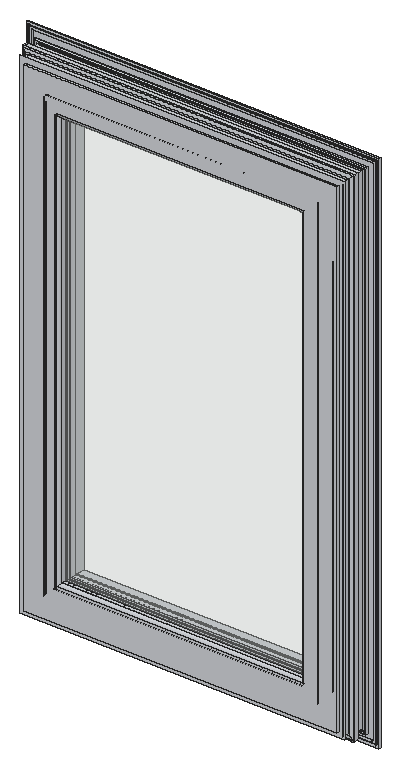
Revit family "Serene_T&T_Door_Standard", category Doors, host Wall, Revit 2014
Parameters (values of type "Serene_Sash_Open_In_94mm")
  Width Sash [instance] = 600 mm
  Width Bead [instance] = Width Sash - (Bead Edge Offset * 2)  # 456 mm
  Tilt [instance] = yes
  Single Glazing [instance] = yes
  SG Offset [instance] = Rear Glazing Channel Offset - SG Available Space + ((SG Available Space - SG Glazing Thickness) / 2)  # 32.25 mm
  SG Glazing Thickness [instance] = 4 mm
  SG Available Space = 13.5 mm  # constant formula
  Right Hinged [instance] = yes
  Rear Glazing Channel Offset = 41 mm  # constant formula
  Profile Material [instance] = none
  Left Hinged [instance] = yes
  Height Sash [instance] = 900 mm
  Height Bead [instance] = Height Sash - (Bead Edge Offset * 2)  # 756 mm
  Glazing Width [instance] = Width Sash - (Glazing Edge Offset * 2)  # 446 mm
  Glazing Material [instance] = Glass
  Glazing Height [instance] = Height Sash - (Glazing Edge Offset * 2)  # 746 mm
  Glazing Edge Offset = 77 mm  # constant formula
  Double Glazing Gasket Material [instance] = none
  Double Glazing [instance] = yes
  DG Offset [instance] = Rear Glazing Channel Offset - DG Available Space + ((DG Available Space - DG Gasket Thickness - (2 * DG Glazing Thickness)) / 2)  # 18.75 mm
  DG Glazing Thickness [instance] = 4 mm
  DG Gasket Thickness [instance] = 12 mm
  DG Available Space = 24.5 mm  # constant formula
  Bead Edge Offset = 72 mm  # constant formula
Reference planes
  plane 1 "Center (Front/Back)": y = 0
  plane 2: z = 0
  plane 3 "Center (Left/Right)": x = 0
Forms (mm)
  Sweep 1, solid, material <- "Profile Material"
    path origin (0, 0, 0) x (1, 0, 0) y (0, 0, 1)
      loop
        line (0, 0) -> (600, 0) -> (600, 900) -> (0, 900) -> (0, 0)
    profile origin (300, 0, 0) x (0, 0, 1) y (0, -1, 0)
      loop
        line (18.76, 32.963) -> (18.76, 28.4) -> (22.06, 28.4)
        arc (22.06, 28.4) -> (22.767, 28.107) -> (23.06, 27.4) r 1
        line (23.06, 27.4) -> (23.06, 25.9) -> (24.26, 25.9)
        arc (24.26, 25.9) -> (24.967, 25.607) -> (25.26, 24.9) r 1
        line (25.26, 24.9) -> (25.26, 9.3)
        arc (25.26, 9.3) -> (24.967, 8.593) -> (24.26, 8.3) r 1
        line (24.26, 8.3) -> (23.06, 8.3) -> (23.06, 6.9) -> (24.26, 6.9)
        arc (24.26, 6.9) -> (24.967, 6.607) -> (25.26, 5.9) r 1
        line (25.26, 5.9) -> (25.26, 1.3) -> (62.06, 1.3) -> (62.06, 4) -> (63.36, 4) -> (63.36, 1.3) -> (65.86, 1.3) -> (65.86, 33.5) -> (63.36, 33.5) -> (63.36, 30.8) -> (62.06, 30.8) -> (62.06, 33.5) -> (59.56, 33.5) -> (59.56, 34.8) -> (65.86, 34.8) -> (65.86, 50.7) -> (34.26, 50.7) -> (34.26, 46.5)
        arc (34.26, 46.5) -> (34.114, 46.146) -> (33.76, 46) r 0.5
        line (33.76, 46) -> (28.26, 46) -> (28.26, 33.9) -> (24.078, 33.9) -> (18.76, 32.963)
      loop
        line (17.46, 33.214) -> (17.46, 25.476) -> (18.76, 24.176) -> (18.76, 27.1) -> (21.76, 27.1) -> (21.76, 24.6) -> (23.96, 24.6) -> (23.96, 9.6) -> (21.76, 9.6) -> (21.76, 6.9) -> (18.76, 6.9) -> (18.76, 10.024) -> (17.46, 8.724) -> (17.46, 5.6) -> (23.96, 5.6) -> (23.96, 3.6) -> (22.8, 3.6)
        arc (22.8, 3.6) -> (22.3, 3.1) -> (22.8, 2.6) r 0.5
        line (22.8, 2.6) -> (23.96, 2.6) -> (23.96, 1.3) -> (7.7, 1.3) -> (7.7, 2.4) -> (8.5, 2.4) -> (8.5, 3.4) -> (5.3, 3.4) -> (5.3, 2.4) -> (6.6, 2.4) -> (6.6, 1.1) -> (1.2, 1.1) -> (1.2, 2.4) -> (2.5, 2.4) -> (2.5, 3.4) -> (0, 3.4) -> (0, 0) -> (71.999, 0) -> (71.999, 3.119) -> (70.16, 4.181) -> (70.16, 1.8) -> (67.16, 1.8) -> (67.16, 19.8) -> (70.16, 19.8) -> (70.16, 17.91) -> (71.96, 18.949) -> (71.96, 25.869) -> (70.66, 26.62) -> (70.66, 21.1) -> (67.16, 21.1) -> (67.16, 35) -> (70.66, 35) -> (70.66, 32.18) -> (71.96, 32.931) -> (71.96, 36.3) -> (67.16, 36.3) -> (67.16, 48.3) -> (68.21, 48.3)
        arc (68.21, 48.3) -> (68.71, 48.8) -> (68.21, 49.3) r 0.5
        line (68.21, 49.3) -> (67.16, 49.3) -> (67.16, 50.7) -> (83.46, 50.7) -> (83.46, 49.3) -> (82.21, 49.3)
        arc (82.21, 49.3) -> (81.71, 48.8) -> (82.21, 48.3) r 0.5
        line (82.21, 48.3) -> (83.46, 48.3)
        arc (83.46, 48.3) -> (84.167, 48.593) -> (84.46, 49.3) r 1
        line (84.46, 49.3) -> (84.46, 50.7) -> (88.96, 50.7)
        arc (88.96, 50.7) -> (91.576, 49.616) -> (92.66, 47) r 3.7
        line (92.66, 47) -> (92.66, 45.5) -> (86.16, 45.5) -> (86.16, 41) -> (88.66, 41) -> (88.66, 42.2) -> (87.46, 42.2) -> (87.46, 44.2) -> (92.66, 44.2) -> (92.66, 42.2) -> (91.46, 42.2) -> (91.46, 41) -> (93.96, 41) -> (93.96, 47)
        arc (93.96, 47) -> (92.496, 50.536) -> (88.96, 52) r 5
        line (88.96, 52) -> (32.96, 52) -> (32.96, 47.3) -> (23.536, 47.3) -> (24.836, 46) -> (26.96, 46) -> (26.96, 35.2) -> (23.988, 35.2) -> (18.286, 34.199)
        arc (18.286, 34.199) -> (17.694, 33.857) -> (17.46, 33.214) r 1
Lines and regions (mm)
  model lines, style "GenericModel"
    curve 1: line (32.96, -52, 867.04) -> (89, -52, 811)
    curve 2: line (567.04, -52, 867.04) -> (511, -52, 811)
    curve 3: line (32.96, -52, 32.96) -> (89, -52, 89)
    curve 4: line (567.04, -52, 32.96) -> (511, -52, 89)
    curve 5: line (23.536, -47.3, 876.464) -> (32.96, -47.3, 867.04)
    curve 6: line (576.464, -47.3, 876.464) -> (567.04, -47.3, 867.04)
    curve 7: line (567.04, -47.3, 32.96) -> (576.464, -47.3, 23.536)
    curve 8: line (32.96, -47.3, 32.96) -> (23.536, -47.3, 23.536)
    curve 9: line (600, 0, 900) -> (528, 0, 828)
    curve 10: line (0, 0, 900) -> (72, 0, 828)
    curve 11: line (600, 0, 0) -> (528, 0, 72)
    curve 12: line (71.999, 0, 71.999) -> (0, 0, 0)
Dimensions and locks
  "Width Sash": Sweep 1 sketch curve to Sweep 1 sketch curve
  "Height Sash": Sweep 1 sketch curve to Sweep 1 sketch curve
  "Bead Edge Offset": nested 1 to plane 2
  "Bead Edge Offset": nested 2 to plane 2
  "Bead Edge Offset": plane 3 "Center (Left/Right)" to nested 1
  "Bead Edge Offset": plane 3 "Center (Left/Right)" to nested 2
  "Glazing Edge Offset": plane 3 "Center (Left/Right)" to nested 3
  "Glazing Edge Offset": nested 3 to plane 2
  "SG Offset": nested 3 to plane 1 "Center (Front/Back)"
  "DG Offset": nested 4 to plane 1 "Center (Front/Back)"
  "Glazing Edge Offset": plane 3 "Center (Left/Right)" to nested 4
  "Glazing Edge Offset": nested 4 to level
  aligned and locked: level to plane 2
  aligned and locked: nested 1 to plane 1 "Center (Front/Back)"
  aligned and locked: nested 2 to plane 1 "Center (Front/Back)"
Automatic sketch dimensions
  Sweep 1 sketch curve to Sweep 1 sketch curve = 0 mm  (x13)
  profile plane to Sweep 1 sketch curve = 0 mm
  Sweep 1 sketch curve to plane 1 "Center (Front/Back)" = 0 mm
  Sweep 1 sketch curve to profile plane = 1.2 mm
  Sweep 1 sketch curve to Sweep 1 sketch curve = 1.3 mm  (x25)
  Sweep 1 sketch curve to Sweep 1 sketch curve = 2.8 mm  (x3)
  Sweep 1 sketch curve to Sweep 1 sketch curve = 1.1 mm  (x2)
  Sweep 1 sketch curve to Sweep 1 sketch curve = 0.8 mm  (x3)
  Sweep 1 sketch curve to profile plane = 17.46 mm
  Sweep 1 sketch curve to Sweep 1 sketch curve = 8.96 mm
  Sweep 1 sketch curve to Sweep 1 sketch curve = 0.826 mm
  Sweep 1 sketch curve to Sweep 1 sketch curve = 1 mm  (x7)
  Sweep 1 sketch curve to Sweep 1 sketch curve = 0.3 mm  (x9)
  Sweep 1 sketch curve to Sweep 1 sketch curve = 3 mm  (x4)
  Sweep 1 sketch curve to Sweep 1 sketch curve = 1.04 mm
  Sweep 1 sketch curve to Sweep 1 sketch curve = 5.249 mm
  Sweep 1 sketch curve to Sweep 1 sketch curve = 0.9 mm  (x2)
  Sweep 1 sketch curve to Sweep 1 sketch curve = 5.228 mm
  Sweep 1 sketch curve to Sweep 1 sketch curve = 0.089 mm
  Sweep 1 sketch curve to Sweep 1 sketch curve = 2.124 mm
  Sweep 1 sketch curve to Sweep 1 sketch curve = 4.7 mm  (x2)
  Sweep 1 sketch curve to Sweep 1 sketch curve = 25.3 mm
  plane 1 "Center (Front/Back)" to Sweep 1 sketch curve = 4 mm
  Sweep 1 sketch curve to Sweep 1 sketch curve = 2.5 mm  (x2)
  Sweep 1 sketch curve to Sweep 1 sketch curve = 6.3 mm
  Sweep 1 sketch curve to Sweep 1 sketch curve = 1.05 mm
  Sweep 1 sketch curve to Sweep 1 sketch curve = 3.5 mm
  Sweep 1 sketch curve to Sweep 1 sketch curve = 1.8 mm
  plane 1 "Center (Front/Back)" to Sweep 1 sketch curve = 3.119 mm
  Sweep 1 sketch curve to Sweep 1 sketch curve = 1.839 mm
  Sweep 1 sketch curve to Sweep 1 sketch curve = 14 mm
  Sweep 1 sketch curve to Sweep 1 sketch curve = 1.25 mm
  Sweep 1 sketch curve to Sweep 1 sketch curve = 2.7 mm  (x3)
  Sweep 1 sketch curve to Sweep 1 sketch curve = 1.2 mm  (x5)
  plane 1 "Center (Front/Back)" to Sweep 1 sketch curve = 1.1 mm
  plane 1 "Center (Front/Back)" to Sweep 1 sketch curve = 1.3 mm  (x3)
  Sweep 1 sketch curve to Sweep 1 sketch curve = 0.5 mm  (x4)
  plane 1 "Center (Front/Back)" to Sweep 1 sketch curve = 5.6 mm
  Sweep 1 sketch curve to Sweep 1 sketch curve = 1.4 mm  (x2)
  Sweep 1 sketch curve to Sweep 1 sketch curve = 1.824 mm
  Sweep 1 sketch curve to Sweep 1 sketch curve = 14.791 mm
  Sweep 1 sketch curve to Sweep 1 sketch curve = 1.039 mm
  Sweep 1 sketch curve to Sweep 1 sketch curve = 1.89 mm
  Sweep 1 sketch curve to Sweep 1 sketch curve = 14.151 mm
  Sweep 1 sketch curve to Sweep 1 sketch curve = 0.424 mm
  Sweep 1 sketch curve to Sweep 1 sketch curve = 4.769 mm
  Sweep 1 sketch curve to Sweep 1 sketch curve = 0.751 mm  (x2)
  Sweep 1 sketch curve to Sweep 1 sketch curve = 4.18 mm
  Sweep 1 sketch curve to Sweep 1 sketch curve = 5.561 mm
  Sweep 1 sketch curve to Sweep 1 sketch curve = 4.563 mm
  Sweep 1 sketch curve to Sweep 1 sketch curve = 0.252 mm
  Sweep 1 sketch curve to Sweep 1 sketch curve = 5.5 mm
  Sweep 1 sketch curve to Sweep 1 sketch curve = 2.069 mm
  Sweep 1 sketch curve to Sweep 1 sketch curve = 2 mm
  Sweep 1 sketch curve to Sweep 1 sketch curve = 10.8 mm
  Sweep 1 sketch curve to Sweep 1 sketch curve = 1.5 mm
  Sweep 1 sketch curve to Sweep 1 sketch curve = 12 mm
  Sweep 1 sketch curve to Sweep 1 sketch curve = 2.4 mm
  plane 1 "Center (Front/Back)" to Sweep 1 sketch curve = 4.181 mm
  curve 1 to Sweep 1 = 0 mm  (x2)
  curve 2 to Sweep 1 = 0 mm  (x2)
  curve 3 to Sweep 1 = 0 mm  (x2)
  curve 4 to Sweep 1 = 0 mm
  Sweep 1 to curve 4 = 0 mm
  curve 3 to Sweep 1 = 0.04 mm
  curve 1 to Sweep 1 = 0.04 mm  (x2)
  curve 2 to Sweep 1 = 0.04 mm  (x2)
  curve 4 to Sweep 1 = 0.04 mm
  Sweep 1 to curve 3 = 0.04 mm
  Sweep 1 to curve 4 = 0.04 mm
  curve 5 to Sweep 1 = 0 mm  (x4)
  curve 6 to Sweep 1 = 0 mm  (x4)
  curve 7 to Sweep 1 = 0 mm  (x3)
  Sweep 1 to curve 7 = 0 mm
  curve 8 to Sweep 1 = 0 mm  (x3)
  Sweep 1 to curve 8 = 0 mm
  curve 9 to Sweep 1 = 0 mm
  Sweep 1 to curve 9 = 0 mm
  curve 10 to Sweep 1 = 0 mm  (x2)
  curve 11 to Sweep 1 = 0 mm  (x2)
  curve 12 to Sweep 1 = 0 mm  (x4)
  curve 10 to Sweep 1 = 0.001 mm  (x2)
  curve 11 to Sweep 1 = 0.001 mm  (x2)
  curve 9 to Sweep 1 = 0.001 mm  (x2)
  Sweep 1 sketch curve to plane 3 "Center (Left/Right)" = 0 mm
  Sweep 1 sketch curve to level = 0 mm
Nested families
  nested 1: "Serene_Bead_Square_12mm" at (528, 0, 72) x (-1, 0, 0) z (0, 0, 1), visible <- "Single Glazing", Profile Material <- "Profile Material", Width Bead <- "Width Bead", Height Bead <- "Height Bead", type "Serene_Bead_Square_12mm"
    with Width Bead 456 mm, Profile Material none, Height Bead 756 mm
  nested 2: "Serene_Bead_D_Glazing_Square" at (528, 0, 72) x (-1, 0, 0) z (0, 0, 1), Profile Material <- "Profile Material", visible <- "Double Glazing", Width Bead <- "Width Bead", Height Bead <- "Height Bead", type "Serene_Bead_D_Glazing_Square"
    with Width Bead 456 mm, Profile Material none, Height Bead 756 mm
  nested 3: "Serene_Single_Glazing_Tilt_&_Turn_T&T_Door_Std" at (77, -36.25, 77) x (-1, 0, 0) z (0, 0, 1), Glazing Width <- "Glazing Width", Glazing Height <- "Glazing Height", visible <- "Single Glazing", Glazing Material <- "Glazing Material", Glazing Thickness SG <- "SG Glazing Thickness", Tilt <- "Tilt", Right Hinged <- "Right Hinged", Left Hinged <- "Left Hinged", type "Serene_Single_Glazing_Tilt_&_Turn_T&T_Door_Std"
    with Tilt yes, Right Hinged yes, Left Hinged yes, Half Width 223 mm, Half Height 373 mm, Glazing Width 446 mm, Glazing Thickness SG 4 mm, Glazing Material Glass, Glazing Height 746 mm
  nested 4: "Serene_Double_Glazing_Tilt_&_Turn_T&T_Door_Std" at (77, -38.75, 77) x (-1, 0, 0) z (0, 0, 1), Glazing Width <- "Glazing Width", Glazing Height <- "Glazing Height", Glazing Thickness DG <- "DG Glazing Thickness", Double Glazing Gasket Thickness <- "DG Gasket Thickness", Double Glazing Gasket Material <- "Double Glazing Gasket Material", Glazing Material <- "Glazing Material", visible <- "Double Glazing", Tilt <- "Tilt", Left Hinged <- "Left Hinged", Right Hinged <- "Right Hinged", type "Serene_Double_Glazing_Tilt_&_Turn_T&T_Door_Std"
    with Tilt yes, Right Hinged yes, Left Hinged yes, Half Width 223 mm, Half Height 373 mm, Glazing Width 446 mm, Glazing Thickness DG 4 mm, Glazing Material Glass, Glazing Height 746 mm, Double Glazing Gasket Thickness 12 mm, Double Glazing Gasket Material none
Definition of nested family "Serene_Bead_Square_12mm"
  Parameters (values of type "Serene_Bead_Square_12mm")
    Profile Material [instance] = none
    Width Bead [instance] = 600 mm
    Height Bead [instance] = 900 mm
  Reference planes
    plane 1 "Center (Front/Back)": y = 0
    plane 2: z = 0
    plane 3 "Center (Left/Right)": x = 0
  Forms (mm)
    Sweep 1, solid, material <- "Profile Material"
      path origin (0, 0, 0) x (1, 0, 0) y (0, 0, 1)
        loop
          line (0, 0) -> (600, 0) -> (600, 900) -> (0, 900) -> (0, 0)
      profile origin (300, 0, 0) x (0, 0, 1) y (0, -1, 0)
        loop
          line (20.8, -26.3) -> (19.6, -26.3) -> (19.6, -27.5) -> (22, -27.5) -> (22, 0) -> (0, 0) -> (0, -1.2) -> (1.2, -1.2) -> (1.2, -4.2) -> (-1.876, -4.2) -> (-1.876, -3.293) -> (-3.909, -4.467)
          arc (-3.909, -4.467) -> (-4.142, -5.029) -> (-3.659, -5.4) r 0.5
          line (-3.659, -5.4) -> (1.4, -5.4)
          arc (1.4, -5.4) -> (2.107, -5.107) -> (2.4, -4.4) r 1
          line (2.4, -4.4) -> (2.4, -1.2) -> (20.8, -1.2) -> (20.8, -16.2) -> (-3.659, -16.2)
          arc (-3.659, -16.2) -> (-4.142, -16.571) -> (-3.909, -17.133) r 0.5
          line (-3.909, -17.133) -> (-1.876, -18.307) -> (-1.876, -17.4) -> (20.8, -17.4) -> (20.8, -23.4) -> (14.6, -23.4) -> (14.6, -27.5) -> (17, -27.5) -> (17, -26.3) -> (15.8, -26.3) -> (15.8, -24.6) -> (20.8, -24.6) -> (20.8, -26.3)
  Lines and regions (mm)
    model lines, style "GenericModel"
      curve 1: line (22, 0, 878) -> (0, 0, 900)
      curve 2: line (578, 0, 878) -> (600, 0, 900)
      curve 3: line (578, 0, 22) -> (600, 0, 0)
      curve 4: line (22, 0, 22) -> (0, 0, 0)
  Dimensions and locks
    "Width Bead": Sweep 1 sketch curve to Sweep 1 sketch curve
    "Height Bead": Sweep 1 sketch curve to Sweep 1 sketch curve
    aligned and locked: level to plane 2
  Automatic sketch dimensions
    profile plane to Sweep 1 sketch curve = 3.909 mm
    Sweep 1 sketch curve to Sweep 1 sketch curve = 0 mm  (x4)
    Sweep 1 sketch curve to Sweep 1 sketch curve = 0.25 mm  (x2)
    Sweep 1 sketch curve to Sweep 1 sketch curve = 1.783 mm  (x2)
    Sweep 1 sketch curve to Sweep 1 sketch curve = 1.876 mm
    Sweep 1 sketch curve to Sweep 1 sketch curve = 3.076 mm
    Sweep 1 sketch curve to Sweep 1 sketch curve = 0.2 mm  (x2)
    Sweep 1 sketch curve to Sweep 1 sketch curve = 1.2 mm  (x9)
    Sweep 1 sketch curve to Sweep 1 sketch curve = 16.476 mm
    Sweep 1 sketch curve to Sweep 1 sketch curve = 2.6 mm
    Sweep 1 sketch curve to plane 1 "Center (Front/Back)" = 27.5 mm
    Sweep 1 sketch curve to Sweep 1 sketch curve = 1.7 mm
    Sweep 1 sketch curve to Sweep 1 sketch curve = 5.093 mm
    Sweep 1 sketch curve to Sweep 1 sketch curve = 6 mm
    Sweep 1 sketch curve to Sweep 1 sketch curve = 0.267 mm
    Sweep 1 sketch curve to Sweep 1 sketch curve = 0.433 mm
    Sweep 1 sketch curve to Sweep 1 sketch curve = 10.8 mm
    Sweep 1 sketch curve to Sweep 1 sketch curve = 0.5 mm
    Sweep 1 sketch curve to Sweep 1 sketch curve = 0.907 mm
    Sweep 1 sketch curve to Sweep 1 sketch curve = 2.093 mm
    Sweep 1 sketch curve to Sweep 1 sketch curve = 15 mm
    curve 1 to Sweep 1 = 0 mm  (x4)
    curve 4 to Sweep 1 = 0 mm  (x3)
    Sweep 1 to curve 4 = 0 mm
    curve 3 to Sweep 1 = 0 mm  (x3)
    curve 2 to Sweep 1 = 0 mm  (x4)
    Sweep 1 to curve 3 = 0 mm
    Sweep 1 sketch curve to plane 3 "Center (Left/Right)" = 0 mm
    Sweep 1 sketch curve to level = 0 mm
Definition of nested family "Serene_Bead_D_Glazing_Square"
  Parameters (values of type "Serene_Bead_D_Glazing_Square")
    Width Bead [instance] = 900 mm
    Profile Material [instance] = none
    Height Bead [instance] = 1320 mm
  Reference planes
    plane 1 "Center (Front/Back)": y = 0
    plane 2: z = 0
    plane 3 "Center (Left/Right)": x = 0
  Forms (mm)
    Sweep 1, solid, material <- "Profile Material"
      path origin (0, 0, 0) x (1, 0, 0) y (0, 0, 1)
        loop
          line (0, 0) -> (900, 0) -> (900, 1320) -> (0, 1320) -> (0, 0)
      profile origin (450, 0, 0) x (0, 0, 1) y (0, -1, 0)
        loop
          line (22, -16.5) -> (22, 0) -> (0, 0) -> (0, -1.2) -> (1.2, -1.2) -> (1.2, -4.2) -> (-1.876, -4.2) -> (-1.876, -3.293) -> (-3.909, -4.467)
          arc (-3.909, -4.467) -> (-4.142, -5.029) -> (-3.659, -5.4) r 0.5
          line (-3.659, -5.4) -> (1.4, -5.4)
          arc (1.4, -5.4) -> (2.107, -5.107) -> (2.4, -4.4) r 1
          line (2.4, -4.4) -> (2.4, -1.2) -> (20.8, -1.2) -> (20.8, -12.4) -> (14.6, -12.4) -> (0, -16.7) -> (-3.659, -16.7)
          arc (-3.659, -16.7) -> (-4.142, -17.071) -> (-3.909, -17.633) r 0.5
          line (-3.909, -17.633) -> (-1.876, -18.807) -> (-1.876, -17.9) -> (0.173, -17.9) -> (14.6, -13.651) -> (14.6, -16.5) -> (17, -16.5) -> (17, -15.3) -> (15.8, -15.3) -> (15.8, -13.6) -> (20.8, -13.6) -> (20.8, -15.3) -> (19.6, -15.3) -> (19.6, -16.5) -> (22, -16.5)
  Lines and regions (mm)
    model lines, style "GenericModel"
      curve 1: line (22, 0, 1298) -> (0, 0, 1298)
      curve 2: line (878, 0, 1298) -> (900, 0, 1298)
      curve 3: line (878, 0, 22) -> (900, 0, 22)
      curve 4: line (22, 0, 22) -> (0, 0, 22)
  Dimensions and locks
    "Width Bead": Sweep 1 sketch curve to Sweep 1 sketch curve
    "Height Bead": Sweep 1 sketch curve to Sweep 1 sketch curve
    aligned and locked: level to plane 2
  Automatic sketch dimensions
    profile plane to Sweep 1 sketch curve = 3.909 mm  (x2)
    Sweep 1 sketch curve to Sweep 1 sketch curve = 0.25 mm  (x2)
    Sweep 1 sketch curve to Sweep 1 sketch curve = 2.033 mm
    Sweep 1 sketch curve to Sweep 1 sketch curve = 1.783 mm
    Sweep 1 sketch curve to Sweep 1 sketch curve = 1.876 mm  (x2)
    Sweep 1 sketch curve to Sweep 1 sketch curve = 0.173 mm
    Sweep 1 sketch curve to Sweep 1 sketch curve = 1.2 mm  (x9)
    Sweep 1 sketch curve to Sweep 1 sketch curve = 0.2 mm
    Sweep 1 sketch curve to Sweep 1 sketch curve = 12.2 mm
    Sweep 1 sketch curve to Sweep 1 sketch curve = 0 mm  (x4)
    Sweep 1 sketch curve to Sweep 1 sketch curve = 2.6 mm
    Sweep 1 sketch curve to plane 1 "Center (Front/Back)" = 18.807 mm
    Sweep 1 sketch curve to Sweep 1 sketch curve = 0.907 mm  (x2)
    Sweep 1 sketch curve to Sweep 1 sketch curve = 0.267 mm
    Sweep 1 sketch curve to Sweep 1 sketch curve = 0.433 mm
    Sweep 1 sketch curve to plane 1 "Center (Front/Back)" = 16.5 mm
    Sweep 1 sketch curve to Sweep 1 sketch curve = 1.649 mm
    Sweep 1 sketch curve to Sweep 1 sketch curve = 1.7 mm
    Sweep 1 sketch curve to Sweep 1 sketch curve = 1.251 mm
    Sweep 1 sketch curve to Sweep 1 sketch curve = 11.3 mm
    Sweep 1 sketch curve to Sweep 1 sketch curve = 0.5 mm
    Sweep 1 sketch curve to Sweep 1 sketch curve = 0.7 mm
    Sweep 1 sketch curve to Sweep 1 sketch curve = 3 mm
    curve 1 to Sweep 1 = 0 mm  (x3)
    curve 4 to Sweep 1 = 0 mm  (x2)
    Sweep 1 to curve 4 = 0 mm
    curve 3 to Sweep 1 = 0 mm  (x2)
    curve 2 to Sweep 1 = 0 mm  (x2)
    Sweep 1 to curve 3 = 0 mm
    Sweep 1 to curve 2 = 0 mm
    Sweep 1 sketch curve to plane 3 "Center (Left/Right)" = 0 mm
    Sweep 1 sketch curve to level = 0 mm
Definition of nested family "Serene_Single_Glazing_Tilt_&_Turn_T&T_Door_Std"
  Parameters (values of type "Single_Glazing_Tilt_&_Turn")
    Tilt [instance] = yes
    Right Hinged [instance] = yes
    Left Hinged [instance] = yes
    Half Width [instance] = Glazing Width / 2  # 450 mm
    Half Height [instance] = Glazing Height / 2  # 750 mm
    Glazing Width [instance] = 900 mm
    Glazing Height [instance] = 1500 mm
    Glazing Thickness SG [instance] = 4 mm
    Glazing Material [instance] = Glass
    Glazing Bead Gap = 21.8 mm  # constant formula
  Reference planes
    plane 1 "Center (Front/Back)": y = 0
    plane 2: z = 0
    plane 3 "Center (Left/Right)": x = 0
  Forms (mm)
    Extrusion 1, solid, material "Glass" <- "Glazing Material"
      sketch origin (0, 0, 0) x (1, 0, 0) y (0, 0, 1)
        loop
          line (0, 0) -> (0, 1500) -> (-900, 1500) -> (-900, 0) -> (0, 0)
      from 0 to 4 <- "Glazing Thickness SG"
  Lines and regions (mm)
    model lines, style "GenericModelHiddenLines", visible <- "Left Hinged"
      curve 1: line (-878.2, 0, 1478.2) -> (-21.8, 0, 750)
      curve 2: line (-21.8, 0, 750) -> (-878.2, 0, 21.8)
    model lines, style "GenericModelHiddenLines", visible <- "Right Hinged"
      curve 3: line (-21.8, 0, 1478.2) -> (-878.2, 0, 750)
      curve 4: line (-878.2, 0, 750) -> (-21.8, 0, 21.8)
    model lines, style "GenericModelHiddenLines", visible <- "Tilt"
      curve 5: line (-878.2, 0, 21.8) -> (-450, 0, 1478.2)
      curve 6: line (-450, 0, 1478.2) -> (-21.8, 0, 21.8)
  Dimensions and locks
    "Glazing Width": plane 3 "Center (Left/Right)" to Extrusion 1 sketch curve
    "Glazing Height": Extrusion 1 sketch curve to level
    "Glazing Bead Gap": curve 2 to Extrusion 1
    "Glazing Bead Gap": Extrusion 1 to curve 2  (x2)
    "Glazing Bead Gap": Extrusion 1 to curve 4  (x2)
    "Glazing Bead Gap": curve 4 to Extrusion 1
    "Glazing Bead Gap": Extrusion 1 to curve 3  (x2)
    "Glazing Bead Gap": Extrusion 1 to curve 1  (x2)
    "Half Height": curve 4 to Extrusion 1
    "Half Height": curve 2 to Extrusion 1
    "Glazing Bead Gap": Extrusion 1 to curve 6
    "Half Width": plane 3 "Center (Left/Right)" to curve 6
    aligned and locked: level to plane 2
    aligned and locked: Extrusion 1 sketch curve to plane 3 "Center (Left/Right)"
    aligned and locked: level to Extrusion 1 sketch curve
Definition of nested family "Serene_Double_Glazing_Tilt_&_Turn_T&T_Door_Std"
  Parameters (values of type "Double_Glazing_Tilt_&_Turn")
    Tilt [instance] = yes
    Left Hinged [instance] = yes
    Right Hinged [instance] = yes
    Half Width [instance] = Glazing Width / 2  # 300 mm
    Half Height [instance] = Glazing Height / 2  # 300 mm
    Glazing Width [instance] = 600 mm
    Glazing Height [instance] = 600 mm
    Glazing Thickness DG [instance] = 4 mm
    Glazing Material [instance] = Glass
    Glazing Bead Gap = 21.8 mm  # constant formula
    Double Glazing Gasket Thickness [instance] = 12 mm
    Double Glazing Gasket Material [instance] = none
  Reference planes
    plane 1 "Center (Front/Back)": y = 0
    plane 2: z = 0
    plane 3 "Center (Left/Right)": x = 0
  Forms (mm)
    Extrusion 1, solid, material "Glass" <- "Glazing Material"
      sketch origin (0, 0, 0) x (1, 0, 0) y (0, 0, 1)
        loop
          line (0, 0) -> (0, 600) -> (-600, 600) -> (-600, 0) -> (0, 0)
      from 0 to 4 <- "Glazing Thickness DG"
    Extrusion 2, solid, material <- "Double Glazing Gasket Material"
      sketch origin (0, -4, 0) x (1, 0, 0) y (0, 0, 1)
        loop
          line (-600, 600) -> (-600, 0) -> (0, 0) -> (0, 600) -> (-600, 600)
        loop
          line (-592, 8) -> (-8, 8) -> (-8, 592) -> (-592, 592) -> (-592, 8)
      from 0 to 12 <- "Double Glazing Gasket Thickness"
    Extrusion 3, solid, material "Glass" <- "Glazing Material"
      sketch origin (0, -16, 0) x (1, 0, 0) y (0, 0, 1)
        loop
          line (-600, 600) -> (-600, 0) -> (0, 0) -> (0, 600) -> (-600, 600)
      from 0 to 4 <- "Glazing Thickness DG"
  Lines and regions (mm)
    model lines, style "GenericModelHiddenLines", visible <- "Left Hinged"
      curve 1: line (-578.2, 0, 21.8) -> (-21.8, 0, 300)
      curve 2: line (-21.8, 0, 300) -> (-578.2, 0, 578.2)
    model lines, style "GenericModelHiddenLines", visible <- "Right Hinged"
      curve 3: line (-21.8, 0, 578.2) -> (-578.2, 0, 300)
      curve 4: line (-578.2, 0, 300) -> (-21.8, 0, 21.8)
    model lines, style "GenericModelHiddenLines", visible <- "Tilt"
      curve 5: line (-578.2, 0, 21.8) -> (-300, 0, 578.2)
      curve 6: line (-300, 0, 578.2) -> (-21.8, 0, 21.8)
  Dimensions and locks
    "Glazing Width": plane 3 "Center (Left/Right)" to Extrusion 1 sketch curve
    "Glazing Height": Extrusion 1 sketch curve to level
    "Glazing Bead Gap": curve 1 to Extrusion 3
    "Glazing Bead Gap": Extrusion 3 to curve 1
    "Glazing Bead Gap": Extrusion 3 to curve 2  (x3)
    "Half Height": curve 2 to Extrusion 3
    "Glazing Bead Gap": Extrusion 3 to curve 4  (x2)
    "Half Height": curve 4 to Extrusion 3
    "Glazing Bead Gap": curve 4 to Extrusion 3
    "Glazing Bead Gap": Extrusion 3 to curve 3  (x2)
    "Glazing Bead Gap": Extrusion 3 to curve 6
    "Half Width": plane 3 "Center (Left/Right)" to curve 6
    aligned and locked: level to plane 2
    aligned and locked: Extrusion 1 sketch curve to plane 3 "Center (Left/Right)"
    aligned and locked: level to Extrusion 1 sketch curve
    aligned and locked: Extrusion 2 sketch curve to Extrusion 1  (x4)
    aligned and locked: Extrusion 3 sketch curve to Extrusion 2  (x4)
  Automatic sketch dimensions
    Extrusion 2 sketch curve to Extrusion 1 = 8 mm  (x4)
Types in the file's own list only (27): name | Windload Design | Width | URL | Sash Frame Gasket | Sash Edge Gap | Max System DG Unit Thickness | Max System DG One Piece Thickness | Max Pane Area | Intruderprufe U Value | Intruderprufe SHGC Value | Intruderprufe LowE U Value | Intruderprufe LowE SHGC Value | Intruderprufe Insulated U Value | Intruderprufe Insulated SHGC Value | Intruderprufe Insulated LowE U Value | Intruderprufe Insulated LowE SHGC Value | Height | Frame Thickness | DG Thickness Calc | Custom Door Width | Custom Door Height | Custom Door Exterior Offset | Custom Windload | Sash Width | Sash Height | Model | Manufacturer | Limit Door Width Min | Limit Door Width Max | Limit Door Height Min | Limit Door Height Max | Limit Sash Width Min | Limit Sash Width Max | Limit Sash Height Min | Limit Sash Height Max | Description | Default Sill Height | Wall Closure | DG Gasket Finish | Clearvue Insulated U Value | Clearvue Insulated SHGC Value | Clearvue Insulated LowE U Value | Clearvue Insulated LowE SHGC Value
  Serene-T&T-Door-0721-1000Pa | 1000 mm | 690 mm | "http://www.crealco.co.za/crealco-products.php" | 3 mm | 34 mm | 25 mm | 6 mm | 0.88 m² | 6.24 | 0.525 | 4.64 | 0.465 | 4.17 | 0.451 | 3.07 | 0.392 | 2090 mm | 52 mm | 4 mm | 690 mm | 2090 mm | 0 mm | 1000 mm | 623 mm | 2023 mm | "Serene" | "Crealco" | 367 mm | 1267 mm | 367 mm | 2767 mm | 300 mm | 1200 mm | 300 mm | 2700 mm | "Heavy duty tilt and hinged door" | 0 mm | By host | Double Glazing Gasket Material | 4.29 | 0.506 | 3.8 | 0.462
  Serene-T&T-Door-0724-1000Pa | 1000 mm | 690 mm | "http://www.crealco.co.za/crealco-products.php" | 3 mm | 34 mm | 25 mm | 6 mm | 1.02 m² | 6.22 | 0.531 | 4.62 | 0.471 | 4.13 | 0.457 | 3.04 | 0.397 | 2390 mm | 52 mm | 4 mm | 690 mm | 2390 mm | 0 mm | 1000 mm | 623 mm | 2323 mm | "Serene" | "Crealco" | 367 mm | 1267 mm | 367 mm | 2767 mm | 300 mm | 1200 mm | 300 mm | 2700 mm | "Heavy duty tilt and hinged door" | 0 mm | By host | Double Glazing Gasket Material | 4.25 | 0.512 | 3.75 | 0.467
  Serene-T&T-Door-0727-1000Pa | 1000 mm | 690 mm | "http://www.crealco.co.za/crealco-products.php" | 3 mm | 34 mm | 25 mm | 6 mm | 1.16 m² | 6.21 | 0.536 | 4.62 | 0.475 | 4.1 | 0.461 | 3.01 | 0.401 | 2690 mm | 52 mm | 4 mm | 690 mm | 2690 mm | 0 mm | 1000 mm | 623 mm | 2623 mm | "Serene" | "Crealco" | 367 mm | 1267 mm | 367 mm | 2767 mm | 300 mm | 1200 mm | 300 mm | 2700 mm | "Heavy duty tilt and hinged door" | 0 mm | By host | Double Glazing Gasket Material | 4.22 | 0.517 | 3.72 | 0.471
  Serene-T&T-Door-0921-1000Pa | 1000 mm | 890 mm | "http://www.crealco.co.za/crealco-products.php" | 3 mm | 34 mm | 25 mm | 6 mm | 1.25 m² | 6.15 | 0.568 | 4.57 | 0.504 | 3.92 | 0.487 | 2.88 | 0.423 | 2090 mm | 52 mm | 4 mm | 890 mm | 2090 mm | 0 mm | 1000 mm | 823 mm | 2023 mm | "Serene" | "Crealco" | 367 mm | 1267 mm | 367 mm | 2767 mm | 300 mm | 1200 mm | 300 mm | 2700 mm | "Heavy duty tilt and hinged door" | 0 mm | By host | Double Glazing Gasket Material | 4.03 | 0.546 | 3.49 | 0.497
  Serene-T&T-Door-0924-1000Pa | 1000 mm | 890 mm | "http://www.crealco.co.za/crealco-products.php" | 3 mm | 34 mm | 25 mm | 6 mm | 1.45 m² | 6.13 | 0.575 | 4.56 | 0.51 | 3.88 | 0.492 | 2.85 | 0.428 | 2390 mm | 52 mm | 4 mm | 890 mm | 2390 mm | 0 mm | 1000 mm | 823 mm | 2323 mm | "Serene" | "Crealco" | 367 mm | 1267 mm | 367 mm | 2767 mm | 300 mm | 1200 mm | 300 mm | 2700 mm | "Heavy duty tilt and hinged door" | 0 mm | By host | Double Glazing Gasket Material | 3.99 | 0.522 | 3.44 | 0.503
  Serene-T&T-Door-0927-1000Pa | 1000 mm | 890 mm | "http://www.crealco.co.za/crealco-products.php" | 3 mm | 34 mm | 25 mm | 6 mm | 1.65 m² | 6.11 | 0.58 | 4.54 | 0.514 | 3.85 | 0.496 | 2.83 | 0.431 | 2690 mm | 52 mm | 4 mm | 890 mm | 2690 mm | 0 mm | 1000 mm | 823 mm | 2623 mm | "Serene" | "Crealco" | 367 mm | 1267 mm | 367 mm | 2767 mm | 300 mm | 1200 mm | 300 mm | 2700 mm | "Heavy duty tilt and hinged door" | 0 mm | By host | Double Glazing Gasket Material | 3.96 | 0.557 | 3.4 | 0.508
  Serene-T&T-Door-1221-1000Pa | 1000 mm | 1190 mm | "http://www.crealco.co.za/crealco-products.php" | 3 mm | 34 mm | 25 mm | 6 mm | 1.81 m² | 6.06 | 0.605 | 4.51 | 0.536 | 3.7 | 0.517 | 2.72 | 0.45 | 2090 mm | 52 mm | 4 mm | 1190 mm | 2090 mm | 0 mm | 1000 mm | 1123 mm | 2023 mm | "Serene" | "Crealco" | 367 mm | 1267 mm | 367 mm | 2767 mm | 300 mm | 1200 mm | 300 mm | 2700 mm | "Heavy duty tilt and hinged door" | 0 mm | By host | Double Glazing Gasket Material | 3.81 | 0.581 | 3.22 | 0.529
  Serene-T&T-Door-1224-1000Pa | 1000 mm | 1190 mm | "http://www.crealco.co.za/crealco-products.php" | 3 mm | 34 mm | 25 mm | 6 mm | 2.10 m² | 6.04 | 0.612 | 4.49 | 0.543 | 3.66 | 0.523 | 2.69 | 0.455 | 2390 mm | 52 mm | 4 mm | 1190 mm | 2390 mm | 0 mm | 1000 mm | 1123 mm | 2323 mm | "Serene" | "Crealco" | 367 mm | 1267 mm | 367 mm | 2767 mm | 300 mm | 1200 mm | 300 mm | 2700 mm | "Heavy duty tilt and hinged door" | 0 mm | By host | Double Glazing Gasket Material | 3.77 | 0.588 | 3.17 | 0.535
  Serene-T&T-Door-1227-1000Pa | 1000 mm | 1190 mm | "http://www.crealco.co.za/crealco-products.php" | 3 mm | 34 mm | 25 mm | 6 mm | 2.39 m² | 6.03 | 0.618 | 4.48 | 0.548 | 3.62 | 0.528 | 2.66 | 0.459 | 2690 mm | 52 mm | 5 mm | 1190 mm | 2690 mm | 0 mm | 1000 mm | 1123 mm | 2623 mm | "Serene" | "Crealco" | 367 mm | 1267 mm | 367 mm | 2767 mm | 300 mm | 1200 mm | 300 mm | 2700 mm | "Heavy duty tilt and hinged door" | 0 mm | By host | Double Glazing Gasket Material | 3.78 | 0.593 | 3.13 | 0.539
  Serene-T&T-Door-0721-1500Pa | 1500 mm | 690 mm | "http://www.crealco.co.za/crealco-products.php" | 3 mm | 34 mm | 25 mm | 6 mm | 0.88 m² | 6.24 | 0.525 | 4.64 | 0.465 | 4.17 | 0.451 | 3.07 | 0.392 | 2090 mm | 52 mm | 4 mm | 690 mm | 2090 mm | 0 mm | 1500 mm | 623 mm | 2023 mm | "Serene" | "Crealco" | 367 mm | 1267 mm | 367 mm | 2767 mm | 300 mm | 1200 mm | 300 mm | 2700 mm | "Heavy duty tilt and hinged door" | 0 mm | By host | Double Glazing Gasket Material | 4.29 | 0.506 | 3.8 | 0.462
  Serene-T&T-Door-0721-2000Pa | 2000 mm | 690 mm | "http://www.crealco.co.za/crealco-products.php" | 3 mm | 34 mm | 25 mm | 6 mm | 0.88 m² | 6.24 | 0.525 | 4.64 | 0.465 | 4.17 | 0.451 | 3.07 | 0.392 | 2090 mm | 52 mm | 4 mm | 690 mm | 2090 mm | 0 mm | 2000 mm | 623 mm | 2023 mm | "Serene" | "Crealco" | 367 mm | 1267 mm | 367 mm | 2767 mm | 300 mm | 1200 mm | 300 mm | 2700 mm | "Heavy duty tilt and hinged door" | 0 mm | By host | Double Glazing Gasket Material | 4.29 | 0.506 | 3.8 | 0.462
  Serene-T&T-Door-0724-1500Pa | 1500 mm | 690 mm | "http://www.crealco.co.za/crealco-products.php" | 3 mm | 34 mm | 25 mm | 6 mm | 1.02 m² | 6.22 | 0.531 | 4.62 | 0.471 | 4.13 | 0.457 | 3.04 | 0.397 | 2390 mm | 52 mm | 4 mm | 690 mm | 2390 mm | 0 mm | 1500 mm | 623 mm | 2323 mm | "Serene" | "Crealco" | 367 mm | 1267 mm | 367 mm | 2767 mm | 300 mm | 1200 mm | 300 mm | 2700 mm | "Heavy duty tilt and hinged door" | 0 mm | By host | Double Glazing Gasket Material | 4.25 | 0.512 | 3.75 | 0.467
  Serene-T&T-Door-0724-2000Pa | 2000 mm | 690 mm | "http://www.crealco.co.za/crealco-products.php" | 3 mm | 34 mm | 25 mm | 6 mm | 1.02 m² | 6.22 | 0.531 | 4.62 | 0.471 | 4.13 | 0.457 | 3.04 | 0.397 | 2390 mm | 52 mm | 4 mm | 690 mm | 2390 mm | 0 mm | 2000 mm | 623 mm | 2323 mm | "Serene" | "Crealco" | 367 mm | 1267 mm | 367 mm | 2767 mm | 300 mm | 1200 mm | 300 mm | 2700 mm | "Heavy duty tilt and hinged door" | 0 mm | By host | Double Glazing Gasket Material | 4.25 | 0.512 | 3.75 | 0.467
  Serene-T&T-Door-0727-1500Pa | 1500 mm | 690 mm | "http://www.crealco.co.za/crealco-products.php" | 3 mm | 34 mm | 25 mm | 6 mm | 1.16 m² | 6.21 | 0.536 | 4.62 | 0.475 | 4.1 | 0.461 | 3.01 | 0.401 | 2690 mm | 52 mm | 4 mm | 690 mm | 2690 mm | 0 mm | 1500 mm | 623 mm | 2623 mm | "Serene" | "Crealco" | 367 mm | 1267 mm | 367 mm | 2767 mm | 300 mm | 1200 mm | 300 mm | 2700 mm | "Heavy duty tilt and hinged door" | 0 mm | By host | Double Glazing Gasket Material | 4.22 | 0.517 | 3.72 | 0.471
  Serene-T&T-Door-0727-2000Pa | 2000 mm | 690 mm | "http://www.crealco.co.za/crealco-products.php" | 3 mm | 34 mm | 25 mm | 6 mm | 1.16 m² | 6.21 | 0.536 | 4.62 | 0.475 | 4.1 | 0.461 | 3.01 | 0.401 | 2690 mm | 52 mm | 4 mm | 690 mm | 2690 mm | 0 mm | 2000 mm | 623 mm | 2623 mm | "Serene" | "Crealco" | 367 mm | 1267 mm | 367 mm | 2767 mm | 300 mm | 1200 mm | 300 mm | 2700 mm | "Heavy duty tilt and hinged door" | 0 mm | By host | Double Glazing Gasket Material | 4.22 | 0.517 | 3.72 | 0.471
  Serene-T&T-Door-0921-1500Pa | 1500 mm | 890 mm | "http://www.crealco.co.za/crealco-products.php" | 3 mm | 34 mm | 25 mm | 6 mm | 1.25 m² | 6.15 | 0.568 | 4.57 | 0.504 | 3.92 | 0.487 | 2.88 | 0.423 | 2090 mm | 52 mm | 4 mm | 890 mm | 2090 mm | 0 mm | 1500 mm | 823 mm | 2023 mm | "Serene" | "Crealco" | 367 mm | 1267 mm | 367 mm | 2767 mm | 300 mm | 1200 mm | 300 mm | 2700 mm | "Heavy duty tilt and hinged door" | 0 mm | By host | Double Glazing Gasket Material | 4.03 | 0.546 | 3.49 | 0.497
  Serene-T&T-Door-0921-2000Pa | 2000 mm | 890 mm | "http://www.crealco.co.za/crealco-products.php" | 3 mm | 34 mm | 25 mm | 6 mm | 1.25 m² | 6.15 | 0.568 | 4.57 | 0.504 | 3.92 | 0.487 | 2.88 | 0.423 | 2090 mm | 52 mm | 4 mm | 890 mm | 2090 mm | 0 mm | 2000 mm | 823 mm | 2023 mm | "Serene" | "Crealco" | 367 mm | 1267 mm | 367 mm | 2767 mm | 300 mm | 1200 mm | 300 mm | 2700 mm | "Heavy duty tilt and hinged door" | 0 mm | By host | Double Glazing Gasket Material | 4.03 | 0.546 | 3.49 | 0.497
  Serene-T&T-Door-0924-1500Pa | 1500 mm | 890 mm | "http://www.crealco.co.za/crealco-products.php" | 3 mm | 34 mm | 25 mm | 6 mm | 1.45 m² | 6.13 | 0.575 | 4.56 | 0.51 | 3.88 | 0.492 | 2.85 | 0.428 | 2390 mm | 52 mm | 4 mm | 890 mm | 2390 mm | 0 mm | 1500 mm | 823 mm | 2323 mm | "Serene" | "Crealco" | 367 mm | 1267 mm | 367 mm | 2767 mm | 300 mm | 1200 mm | 300 mm | 2700 mm | "Heavy duty tilt and hinged door" | 0 mm | By host | Double Glazing Gasket Material | 3.99 | 0.522 | 3.44 | 0.503
  Serene-T&T-Door-0924-2000Pa | 2000 mm | 890 mm | "http://www.crealco.co.za/crealco-products.php" | 3 mm | 34 mm | 25 mm | 6 mm | 1.45 m² | 6.13 | 0.575 | 4.56 | 0.51 | 3.88 | 0.492 | 2.85 | 0.428 | 2390 mm | 52 mm | 4 mm | 890 mm | 2390 mm | 0 mm | 2000 mm | 823 mm | 2323 mm | "Serene" | "Crealco" | 367 mm | 1267 mm | 367 mm | 2767 mm | 300 mm | 1200 mm | 300 mm | 2700 mm | "Heavy duty tilt and hinged door" | 0 mm | By host | Double Glazing Gasket Material | 3.99 | 0.522 | 3.44 | 0.503
  Serene-T&T-Door-0927-1500Pa | 1500 mm | 890 mm | "http://www.crealco.co.za/crealco-products.php" | 3 mm | 34 mm | 25 mm | 6 mm | 1.65 m² | 6.11 | 0.58 | 4.54 | 0.514 | 3.85 | 0.496 | 2.83 | 0.431 | 2690 mm | 52 mm | 4 mm | 890 mm | 2690 mm | 0 mm | 1500 mm | 823 mm | 2623 mm | "Serene" | "Crealco" | 367 mm | 1267 mm | 367 mm | 2767 mm | 300 mm | 1200 mm | 300 mm | 2700 mm | "Heavy duty tilt and hinged door" | 0 mm | By host | Double Glazing Gasket Material | 3.96 | 0.557 | 3.4 | 0.508
  Serene-T&T-Door-0927-2000Pa | 2000 mm | 890 mm | "http://www.crealco.co.za/crealco-products.php" | 3 mm | 34 mm | 25 mm | 6 mm | 1.65 m² | 6.11 | 0.58 | 4.54 | 0.514 | 3.85 | 0.496 | 2.83 | 0.431 | 2690 mm | 52 mm | 4 mm | 890 mm | 2690 mm | 0 mm | 2000 mm | 823 mm | 2623 mm | "Serene" | "Crealco" | 367 mm | 1267 mm | 367 mm | 2767 mm | 300 mm | 1200 mm | 300 mm | 2700 mm | "Heavy duty tilt and hinged door" | 0 mm | By host | Double Glazing Gasket Material | 3.96 | 0.557 | 3.4 | 0.508
  Serene-T&T-Door-1221-1500Pa | 1500 mm | 1190 mm | "http://www.crealco.co.za/crealco-products.php" | 3 mm | 34 mm | 25 mm | 6 mm | 1.81 m² | 6.06 | 0.605 | 4.51 | 0.536 | 3.7 | 0.517 | 2.72 | 0.45 | 2090 mm | 52 mm | 4 mm | 1190 mm | 2090 mm | 0 mm | 1500 mm | 1123 mm | 2023 mm | "Serene" | "Crealco" | 367 mm | 1267 mm | 367 mm | 2767 mm | 300 mm | 1200 mm | 300 mm | 2700 mm | "Heavy duty tilt and hinged door" | 0 mm | By host | Double Glazing Gasket Material | 3.81 | 0.581 | 3.22 | 0.529
  Serene-T&T-Door-1221-2000Pa | 2000 mm | 1190 mm | "http://www.crealco.co.za/crealco-products.php" | 3 mm | 34 mm | 25 mm | 6 mm | 1.81 m² | 6.06 | 0.605 | 4.51 | 0.536 | 3.7 | 0.517 | 2.72 | 0.45 | 2090 mm | 52 mm | 4 mm | 1190 mm | 2090 mm | 0 mm | 2000 mm | 1123 mm | 2023 mm | "Serene" | "Crealco" | 367 mm | 1267 mm | 367 mm | 2767 mm | 300 mm | 1200 mm | 300 mm | 2700 mm | "Heavy duty tilt and hinged door" | 0 mm | By host | Double Glazing Gasket Material | 3.81 | 0.581 | 3.22 | 0.529
  Serene-T&T-Door-1227-1500Pa | 1500 mm | 1190 mm | "http://www.crealco.co.za/crealco-products.php" | 3 mm | 34 mm | 25 mm | 6 mm | 2.39 m² | 6.03 | 0.618 | 4.48 | 0.548 | 3.62 | 0.528 | 2.66 | 0.459 | 2690 mm | 52 mm | 5 mm | 1190 mm | 2690 mm | 0 mm | 1500 mm | 1123 mm | 2623 mm | "Serene" | "Crealco" | 367 mm | 1267 mm | 367 mm | 2767 mm | 300 mm | 1200 mm | 300 mm | 2700 mm | "Heavy duty tilt and hinged door" | 0 mm | By host | Double Glazing Gasket Material | 3.78 | 0.593 | 3.13 | 0.539
  Serene-T&T-Door-1227-2000Pa | 2000 mm | 1190 mm | "http://www.crealco.co.za/crealco-products.php" | 3 mm | 34 mm | 25 mm | 6 mm | 2.39 m² | 6.03 | 0.618 | 4.48 | 0.548 | 3.62 | 0.528 | 2.66 | 0.459 | 2690 mm | 52 mm | 5 mm | 1190 mm | 2690 mm | 0 mm | 2000 mm | 1123 mm | 2623 mm | "Serene" | "Crealco" | 367 mm | 1267 mm | 367 mm | 2767 mm | 300 mm | 1200 mm | 300 mm | 2700 mm | "Heavy duty tilt and hinged door" | 0 mm | By host | Double Glazing Gasket Material | 3.78 | 0.593 | 3.13 | 0.539
  Serene-T&T-Door-1224-1500Pa | 1500 mm | 1190 mm | "http://www.crealco.co.za/crealco-products.php" | 3 mm | 34 mm | 25 mm | 6 mm | 2.10 m² | 6.04 | 0.612 | 4.49 | 0.543 | 3.66 | 0.523 | 2.69 | 0.455 | 2390 mm | 52 mm | 4 mm | 1190 mm | 2390 mm | 0 mm | 1500 mm | 1123 mm | 2323 mm | "Serene" | "Crealco" | 367 mm | 1267 mm | 367 mm | 2767 mm | 300 mm | 1200 mm | 300 mm | 2700 mm | "Heavy duty tilt and hinged door" | 0 mm | By host | Double Glazing Gasket Material | 3.77 | 0.588 | 3.17 | 0.535
  Serene-T&T-Door-1224-2000Pa | 2000 mm | 1190 mm | "http://www.crealco.co.za/crealco-products.php" | 3 mm | 34 mm | 25 mm | 6 mm | 2.10 m² | 6.04 | 0.612 | 4.49 | 0.543 | 3.66 | 0.523 | 2.69 | 0.455 | 2390 mm | 52 mm | 4 mm | 1190 mm | 2390 mm | 0 mm | 2000 mm | 1123 mm | 2323 mm | "Serene" | "Crealco" | 367 mm | 1267 mm | 367 mm | 2767 mm | 300 mm | 1200 mm | 300 mm | 2700 mm | "Heavy duty tilt and hinged door" | 0 mm | By host | Double Glazing Gasket Material | 3.77 | 0.588 | 3.17 | 0.535
